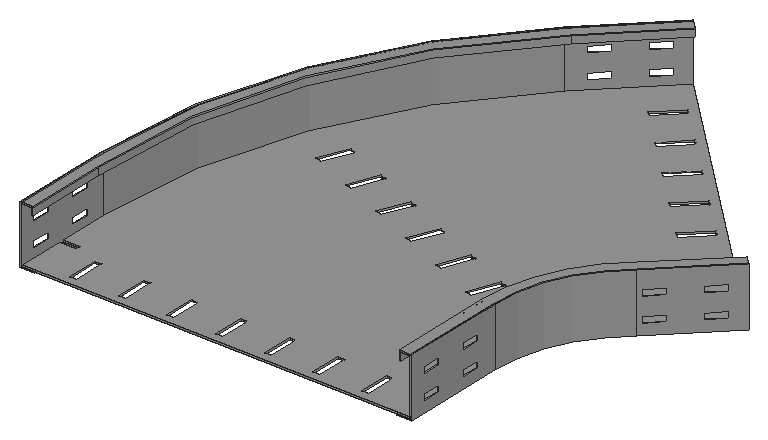
Revit family "Bogen 45 RB 45 640 FT", category Generic Models, Revit 2017
Family settings
  Can host rebar = No
  Round Connector Dimension = Use Diameter
  Part Type = Normal
  Work Plane-Based = No
  Always vertical = Yes
  Cut with Voids When Loaded = No
  Shared = No
  Room Calculation Point = No
Parameters (values of type "RB 45 640 FT")
  Width = 400 mm
  URL = "http://www.obo-bettermann.com"
  Material = Hot dip galvanised
  Manufacturer Art.No. = "7066406"
  Manufacturer = "OBO BETTERMANN"
  GTIN = "4012196224838"
  Cut's number 2 = 2
  Cut's number = 7
  Article Type = "RB 45 640 FT"
Reference planes
  plane 1 "Center (Front/Back)": y = 0
  plane 2: z = 0
  plane 3 "Center (Left/Right)": x = 0
  plane 4: x = 400
  plane 5: y = 105
  plane 6: through (443.934, 212.498, 1200) normal (-0.7071, -0.7071, 0)
  plane 7: through (413.011, 167.826, 1200) normal (-0.3827, -0.9239, 0)
  plane 8: z = 1.5
  plane 9: z = 59.75
  plane 10: z = -1.25
  plane 11: z = 58.5
  plane 12: z = 50.75
  plane 13: z = 59.75
  plane 14: z = 55.264
  plane 15: z = 61
  plane 16: z = 59.25
  plane 17: z = 59.75
  plane 18: z = 59.75
  plane 19: z = 59.25
  plane 20: z = 59.25
  plane 21: z = 58
  plane 22: z = 50.25
  plane 23: x = 46.2
  plane 24: y = 25
  plane 25: x = 96.2
  plane 26: y = 25
  plane 27: x = 146.2
  plane 28: y = 25
  plane 29: x = 196.2
  plane 30: y = 25
  plane 31: x = 246.2
  plane 32: y = 25
  plane 33: x = 296.2
  plane 34: y = 25
  plane 35: x = 346.2
  plane 36: y = 25
  plane 37: through (285.677, 554.233, 1200) normal (0.7071, -0.7071, 0)
  plane 38: through (183.061, 586.507, 1200) normal (0.7071, 0.7071, 0)
  plane 39: through (321.032, 518.878, 1200) normal (0.7071, -0.7071, 0)
  plane 40: through (218.417, 551.151, 1200) normal (0.7071, 0.7071, 0)
  plane 41: through (356.388, 483.523, 1200) normal (0.7071, -0.7071, 0)
  plane 42: through (253.772, 515.796, 1200) normal (0.7071, 0.7071, 0)
  plane 43: through (391.743, 448.167, 1200) normal (0.7071, -0.7071, 0)
  plane 44: through (289.128, 480.441, 1200) normal (0.7071, 0.7071, 0)
  plane 45: through (427.099, 412.812, 1200) normal (0.7071, -0.7071, 0)
  plane 46: through (324.483, 445.085, 1200) normal (0.7071, 0.7071, 0)
  plane 47: through (462.454, 377.457, 1200) normal (0.7071, -0.7071, 0)
  plane 48: through (359.838, 409.73, 1200) normal (0.7071, 0.7071, 0)
  plane 49: through (497.809, 342.101, 1200) normal (0.7071, -0.7071, 0)
  plane 50: through (395.194, 374.375, 1200) normal (0.7071, 0.7071, 0)
  plane 51: through (518.18, 286.744, 1200) normal (-0.7071, -0.7071, 0)
  plane 52: through (487.387, 317.537, 1200) normal (0.7071, 0.7071, 0)
  plane 53: through (234.596, 570.327, 1200) normal (0.9241, -0.3822, 0)
  plane 54: through (123.7, 282.196, 1200) normal (0.3822, 0.9241, 0)
  plane 55: through (131.809, 278.842, 1200) normal (-0.3822, -0.9241, 0)
  plane 56: through (202.948, 566.621, 1200) normal (0.7071, 0.7071, 0)
  plane 57: through (94.443, 322.232, 1200) normal (0.9241, -0.3822, 0)
  plane 58: through (169.904, 263.086, 1200) normal (0.3822, 0.9241, 0)
  plane 59: through (178.013, 259.732, 1200) normal (-0.3822, -0.9241, 0)
  plane 60: through (249.151, 547.51, 1200) normal (0.7071, 0.7071, 0)
  plane 61: through (140.647, 303.121, 1200) normal (0.9241, -0.3822, 0)
  plane 62: through (216.107, 243.975, 1200) normal (0.3822, 0.9241, 0)
  plane 63: through (224.216, 240.621, 1200) normal (-0.3822, -0.9241, 0)
  plane 64: through (295.355, 528.399, 1200) normal (0.7071, 0.7071, 0)
  plane 65: through (186.851, 284.011, 1200) normal (0.9241, -0.3822, 0)
  plane 66: through (262.311, 224.865, 1200) normal (0.3822, 0.9241, 0)
  plane 67: through (270.42, 221.511, 1200) normal (-0.3822, -0.9241, 0)
  plane 68: through (341.559, 509.289, 1200) normal (0.7071, 0.7071, 0)
  plane 69: through (233.055, 264.9, 1200) normal (0.9241, -0.3822, 0)
  plane 70: through (308.515, 205.754, 1200) normal (0.3822, 0.9241, 0)
  plane 71: through (316.624, 202.4, 1200) normal (-0.3822, -0.9241, 0)
  plane 72: through (387.763, 490.178, 1200) normal (0.7071, 0.7071, 0)
  plane 73: through (279.258, 245.79, 1200) normal (0.9241, -0.3822, 0)
  plane 74: through (354.719, 186.643, 1200) normal (0.3822, 0.9241, 0)
  plane 75: through (362.828, 183.289, 1200) normal (-0.3822, -0.9241, 0)
  plane 76: through (433.966, 471.068, 1200) normal (0.7071, 0.7071, 0)
  plane 77: through (325.462, 226.679, 1200) normal (0.9241, -0.3822, 0)
  plane 78: through (400.922, 167.533, 1200) normal (0.3822, 0.9241, 0)
  plane 79: through (409.031, 164.179, 1200) normal (-0.3822, -0.9241, 0)
  plane 80: through (480.17, 451.957, 1200) normal (0.7071, 0.7071, 0)
  plane 81: through (371.666, 207.569, 1200) normal (0.9241, -0.3822, 0)
  plane 82: y = 50
  plane 83: x = 18
  plane 84: z = 13.25
  plane 85: y = 25
  plane 86: z = 38.25
  plane 87: y = 25
  plane 88: z = 13.25
  plane 89: y = 75
  plane 90: z = 38.25
  plane 91: y = 75
  plane 92: through (804.924, 0, 1200) normal (-0.3822, -0.9241, 0)
  plane 93: z = 38.25
  plane 94: through (3237.963, -2463.392, 44.016) normal (0.7064, 0.7078, 0)
  plane 95: z = 38.25
  plane 96: through (3202.644, -2498.784, 44.016) normal (0.7064, 0.7078, 0)
  plane 97: z = 13.25
  plane 98: through (3237.963, -2463.392, 19.016) normal (0.7064, 0.7078, 0)
  plane 99: z = 13.25
  plane 100: through (3202.644, -2498.784, 19.016) normal (0.7064, 0.7078, 0)
  plane 101: z = 13.25
  plane 102: y = 25
  plane 103: z = 38.25
  plane 104: y = 25
  plane 105: z = 38.25
  plane 106: y = 75
  plane 107: z = 13.25
  plane 108: y = 75
  plane 109: z = 13.25
  plane 110: through (3237.963, -2463.392, 23.723) normal (0.7064, 0.7078, 0)
  plane 111: z = 13.25
  plane 112: through (3202.644, -2498.784, 23.723) normal (0.7064, 0.7078, 0)
  plane 113: z = 38.25
  plane 114: through (3237.963, -2463.392, 48.723) normal (0.7064, 0.7078, 0)
  plane 115: z = 38.25
  plane 116: through (3202.644, -2498.784, 48.723) normal (0.7064, 0.7078, 0)
Forms (mm)
  Extrusion 1, solid, material "Hot dip galvanised" <- "Material"
    sketch origin (0, 0, 0) x (1, 0, 0) y (0, 1, 0)
      loop
        line (0, 0) -> (400, 0) -> (400, 106.432)
        arc (400, 106.432) -> (413.14, 167.828) -> (450.259, 218.467) r 150
        line (450.259, 218.467) -> (518.358, 286.566) -> (235.515, 569.408) -> (161.091, 494.984)
        arc (161.091, 494.984) -> (41.866, 316.551) -> (0, 106.075) r 550
        line (0, 106.075) -> (0, 0)
    from 0 to 1.5
  Extrusion 2, solid, material "Hot dip galvanised" <- "Material"
    sketch origin (0, 0, 0) x (1, 0, 0) y (0, 1, 0)
      loop
        line (-0.041, 0) -> (13.959, 0) -> (13.959, 105.975)
        arc (13.959, 105.975) -> (54.77, 311.148) -> (170.991, 485.084) r 536.141
        line (170.991, 485.084) -> (245.415, 559.508) -> (235.516, 569.408) -> (161.092, 494.984)
        arc (161.092, 494.984) -> (41.838, 316.51) -> (-0.041, 105.985) r 550.141
        line (-0.041, 105.985) -> (-0.041, 0)
    from 0 to -1.25
  Extrusion 3, solid, material "Hot dip galvanised" <- "Material"
    sketch origin (0, 0, 0) x (1, 0, 0) y (0, 1, 0)
      loop
        line (161.852, 495.745) -> (235.515, 569.408) -> (234.596, 570.327) -> (160.933, 496.665)
        arc (160.933, 496.665) -> (40.863, 316.967) -> (-1.3, 104.999) r 553.899
        line (-1.3, 104.999) -> (-1.3, 0) -> (0, 0) -> (0, 105)
        arc (0, 105) -> (42.064, 316.47) -> (161.852, 495.745) r 552.599
    from -1.25 to 59.25
  Extrusion 4, solid, material "Hot dip galvanised" <- "Material"
    sketch origin (0, 0, 0) x (1, 0, 0) y (0, 1, 0)
      loop
        line (235.515, 569.408) -> (164.613, 498.506)
        arc (164.613, 498.506) -> (38.694, 308.367) -> (0, 83.62) r 554.223
        line (0, 83.62) -> (0, 0) -> (11.5, 0) -> (11.5, 83.833)
        arc (11.5, 83.833) -> (49.352, 304.047) -> (172.718, 490.347) r 542.723
        line (172.718, 490.347) -> (243.647, 561.277) -> (235.515, 569.408)
    from 58 to 59.25
  Extrusion 5, solid, material "Hot dip galvanised" <- "Material"
    sketch origin (0, 0, 0) x (1, 0, 0) y (0, 1, 0)
      loop
        line (243.647, 561.277) -> (242.728, 562.196) -> (171.801, 491.269)
        arc (171.801, 491.269) -> (48.147, 304.535) -> (10.2, 83.809) r 544.023
        line (10.2, 83.809) -> (10.2, 0) -> (11.5, 0) -> (11.5, 83.833)
        arc (11.5, 83.833) -> (49.352, 304.047) -> (172.718, 490.347) r 542.723
        line (172.718, 490.347) -> (243.647, 561.277)
    from 50.75 to 58
  Extrusion 6, solid, material "Hot dip galvanised" <- "Material"
    sketch origin (0, 0, 0) x (1, 0, 0) y (0, 1, 0)
      loop
        line (518.358, 286.566) -> (508.6, 296.324) -> (445.424, 233.148)
        arc (445.424, 233.148) -> (401.744, 176.72) -> (386.2, 107.075) r 163.8
        line (386.2, 107.075) -> (386.2, 0) -> (400, 0) -> (400, 107.075)
        arc (400, 107.075) -> (414.368, 171.137) -> (454.718, 222.926) r 150
        line (454.718, 222.926) -> (518.358, 286.566)
    from 0 to -1.25
  Extrusion 7, solid, material "Hot dip galvanised" <- "Material"
    sketch origin (0, 0, 0) x (1, 0, 0) y (0, 1, 0)
      loop
        line (518.358, 286.566) -> (454.718, 222.926)
        arc (454.718, 222.926) -> (414.361, 170.784) -> (400, 106.432) r 151.365
        line (400, 106.432) -> (400, 0) -> (401.3, 0) -> (401.3, 106.432)
        arc (401.3, 106.432) -> (415.55, 170.259) -> (455.595, 221.964) r 150.065
        line (455.595, 221.964) -> (519.277, 285.646) -> (518.358, 286.566)
    from -1.25 to 59.25
  Extrusion 8, solid, material "Hot dip galvanised" <- "Material"
    sketch origin (0, 0, 0) x (1, 0, 0) y (0, 1, 0)
      loop
        line (518.358, 286.566) -> (510.368, 294.556) -> (447.907, 232.095)
        arc (447.907, 232.095) -> (404.249, 176.202) -> (388.7, 107.005) r 161.747
        line (388.7, 107.005) -> (388.7, 0) -> (400, 0) -> (400, 107.005)
        arc (400, 107.005) -> (414.58, 171.615) -> (455.496, 223.703) r 150.447
        line (455.496, 223.703) -> (518.358, 286.566)
    from 58 to 59.25
  Extrusion 9, solid, material "Hot dip galvanised"
    sketch origin (0, 0, 0) x (1, 0, 0) y (0, 1, 0)
      loop
        line (510.368, 294.556) -> (447.907, 232.095)
        arc (447.907, 232.095) -> (404.249, 176.202) -> (388.7, 107.005) r 161.747
        line (388.7, 107.005) -> (388.7, 0) -> (390, 0) -> (390, 107.005)
        arc (390, 107.005) -> (405.438, 175.675) -> (448.781, 231.131) r 160.447
        line (448.781, 231.131) -> (511.287, 293.637) -> (510.368, 294.556)
    from 50.25 to 57.975
  Extrusion 10, void
    sketch origin (0, 0, 0) x (1, 0, 0) y (0, 1, 0)
      loop
        line (42.7, 41) -> (42.7, 9) -> (49.7, 9) -> (49.7, 41) -> (42.7, 41)
    from -1.25 to 1.5
  Extrusion 11, void
    sketch origin (50, 0, 0) x (1, 0, 0) y (0, 1, 0)
      loop
        line (42.7, 41) -> (42.7, 9) -> (49.7, 9) -> (49.7, 41) -> (42.7, 41)
    from -1.25 to 1.5
  Extrusion 12, void
    sketch origin (100, 0, 0) x (1, 0, 0) y (0, 1, 0)
      loop
        line (42.7, 41) -> (42.7, 9) -> (49.7, 9) -> (49.7, 41) -> (42.7, 41)
    from -1.25 to 1.5
  Extrusion 13, void
    sketch origin (150, 0, 0) x (1, 0, 0) y (0, 1, 0)
      loop
        line (42.7, 41) -> (42.7, 9) -> (49.7, 9) -> (49.7, 41) -> (42.7, 41)
    from -1.25 to 1.5
  Extrusion 14, void
    sketch origin (200, 0, 0) x (1, 0, 0) y (0, 1, 0)
      loop
        line (42.7, 41) -> (42.7, 9) -> (49.7, 9) -> (49.7, 41) -> (42.7, 41)
    from -1.25 to 1.5
  Extrusion 15, void
    sketch origin (250, 0, 0) x (1, 0, 0) y (0, 1, 0)
      loop
        line (42.7, 41) -> (42.7, 9) -> (49.7, 9) -> (49.7, 41) -> (42.7, 41)
    from -1.25 to 1.5
  Extrusion 16, void
    sketch origin (300, 0, 0) x (1, 0, 0) y (0, 1, 0)
      loop
        line (42.7, 41) -> (42.7, 9) -> (49.7, 9) -> (49.7, 41) -> (42.7, 41)
    from -1.25 to 1.5
  Extrusion 17, void
    sketch origin (0, 0, 0) x (1, 0, 0) y (0, 1, 0)
      loop
        line (259.345, 532.851) -> (236.704, 510.21) -> (241.654, 505.26) -> (264.295, 527.901) -> (259.345, 532.851)
    from -1.25 to 1.5
  Extrusion 18, void
    sketch origin (35.355, -35.355, 0) x (1, 0, 0) y (0, 1, 0)
      loop
        line (259.345, 532.851) -> (236.704, 510.21) -> (241.654, 505.26) -> (264.295, 527.901) -> (259.345, 532.851)
    from -1.25 to 1.5
  Extrusion 19, void
    sketch origin (70.711, -70.711, 0) x (1, 0, 0) y (0, 1, 0)
      loop
        line (259.345, 532.851) -> (236.704, 510.21) -> (241.654, 505.26) -> (264.295, 527.901) -> (259.345, 532.851)
    from -1.25 to 1.5
  Extrusion 20, void
    sketch origin (106.066, -106.066, 0) x (1, 0, 0) y (0, 1, 0)
      loop
        line (259.345, 532.851) -> (236.704, 510.21) -> (241.654, 505.26) -> (264.295, 527.901) -> (259.345, 532.851)
    from -1.25 to 1.5
  Extrusion 21, void
    sketch origin (141.421, -141.421, 0) x (1, 0, 0) y (0, 1, 0)
      loop
        line (259.345, 532.851) -> (236.704, 510.21) -> (241.654, 505.26) -> (264.295, 527.901) -> (259.345, 532.851)
    from -1.25 to 1.5
  Extrusion 22, void
    sketch origin (176.777, -176.777, 0) x (1, 0, 0) y (0, 1, 0)
      loop
        line (259.345, 532.851) -> (236.704, 510.21) -> (241.654, 505.26) -> (264.295, 527.901) -> (259.345, 532.851)
    from -1.25 to 1.5
  Extrusion 23, void
    sketch origin (212.132, -212.132, 0) x (1, 0, 0) y (0, 1, 0)
      loop
        line (259.345, 532.851) -> (236.704, 510.21) -> (241.654, 505.26) -> (264.295, 527.901) -> (259.345, 532.851)
    from -1.25 to 1.5
  Extrusion 24, void
    sketch origin (0, 0, 0) x (1, 0, 0) y (0, 1, 0)
      loop
        line (87.458, 314.501) -> (75.118, 284.665) -> (81.986, 281.824) -> (94.327, 311.66) -> (87.458, 314.501)
    from -1.25 to 1.5
  Extrusion 25, void
    sketch origin (46.204, -19.111, 0) x (1, 0, 0) y (0, 1, 0)
      loop
        line (87.458, 314.501) -> (75.118, 284.665) -> (81.986, 281.824) -> (94.327, 311.66) -> (87.458, 314.501)
    from -1.25 to 1.5
  Extrusion 26, void
    sketch origin (92.407, -38.221, 0) x (1, 0, 0) y (0, 1, 0)
      loop
        line (87.458, 314.501) -> (75.118, 284.665) -> (81.986, 281.824) -> (94.327, 311.66) -> (87.458, 314.501)
    from -1.25 to 1.5
  Extrusion 27, void
    sketch origin (138.611, -57.332, 0) x (1, 0, 0) y (0, 1, 0)
      loop
        line (87.458, 314.501) -> (75.118, 284.665) -> (81.986, 281.824) -> (94.327, 311.66) -> (87.458, 314.501)
    from -1.25 to 1.5
  Extrusion 28, void
    sketch origin (184.815, -76.442, 0) x (1, 0, 0) y (0, 1, 0)
      loop
        line (87.458, 314.501) -> (75.118, 284.665) -> (81.986, 281.824) -> (94.327, 311.66) -> (87.458, 314.501)
    from -1.25 to 1.5
  Extrusion 29, void
    sketch origin (231.019, -95.553, 0) x (1, 0, 0) y (0, 1, 0)
      loop
        line (87.458, 314.501) -> (75.118, 284.665) -> (81.986, 281.824) -> (94.327, 311.66) -> (87.458, 314.501)
    from -1.25 to 1.5
  Extrusion 30, void
    sketch origin (277.222, -114.663, 0) x (1, 0, 0) y (0, 1, 0)
      loop
        line (87.458, 314.501) -> (75.118, 284.665) -> (81.986, 281.824) -> (94.327, 311.66) -> (87.458, 314.501)
    from -1.25 to 1.5
  Extrusion 31, void
    sketch origin (0, 0, 0) x (1, 0, 0) y (0, 1, 0)
      loop
        line (0, 47.5) -> (18, 47.5) -> (18, 52.5) -> (0, 52.5) -> (0, 47.5)
    from 0 to 1.5
  Extrusion 32, void
    sketch origin (0, 0, 0) x (0, 1, 0) y (0, 0, 1)
      loop
        line (15, 16.75) -> (15, 9.75) -> (35, 9.75) -> (35, 16.75) -> (15, 16.75)
    from 0 to -1.3
  Extrusion 33, void
    sketch origin (0, 0, 25) x (0, 1, 0) y (0, 0, 1)
      loop
        line (15, 16.75) -> (15, 9.75) -> (35, 9.75) -> (35, 16.75) -> (15, 16.75)
    from 0 to -1.3
  Extrusion 34, void
    sketch origin (0, 50, 0) x (0, 1, 0) y (0, 0, 1)
      loop
        line (15, 16.75) -> (15, 9.75) -> (35, 9.75) -> (35, 16.75) -> (15, 16.75)
    from 0 to -1.3
  Extrusion 35, void
    sketch origin (0, 50, 25) x (0, 1, 0) y (0, 0, 1)
      loop
        line (15, 16.75) -> (15, 9.75) -> (35, 9.75) -> (35, 16.75) -> (15, 16.75)
    from 0 to -1.3
  Extrusion 36, void
    sketch origin (235.175, 568.585, 25) x (-0.706384, -0.707829, 0) y (0, 0, -1)
      loop
        line (15, -16.75) -> (35, -16.75) -> (35, -9.75) -> (15, -9.75) -> (15, -16.75)
    from 0 to -2.796
  Extrusion 37, void
    sketch origin (199.856, 533.194, 25) x (-0.706384, -0.707829, 0) y (0, 0, -1)
      loop
        line (15, -16.75) -> (35, -16.75) -> (35, -9.75) -> (15, -9.75) -> (15, -16.75)
    from 0 to -2.796
  Extrusion 38, void
    sketch origin (235.175, 568.585, 0) x (-0.706384, -0.707829, 0) y (0, 0, -1)
      loop
        line (15, -16.75) -> (35, -16.75) -> (35, -9.75) -> (15, -9.75) -> (15, -16.75)
    from 0 to -2.796
  Extrusion 39, void
    sketch origin (199.856, 533.194, 0) x (-0.706384, -0.707829, 0) y (0, 0, -1)
      loop
        line (15, -16.75) -> (35, -16.75) -> (35, -9.75) -> (15, -9.75) -> (15, -16.75)
    from 0 to -2.796
  Extrusion 40, void
    sketch origin (0, 0, 0) x (0, 1, 0) y (0, 0, 1)
      loop
        line (15.392, 16.75) -> (15.392, 9.75) -> (35.392, 9.75) -> (35.392, 16.75) -> (15.392, 16.75)
    from 400 to 401.3
  Extrusion 41, void
    sketch origin (0, 0, 25) x (0, 1, 0) y (0, 0, 1)
      loop
        line (15.392, 16.75) -> (15.392, 9.75) -> (35.392, 9.75) -> (35.392, 16.75) -> (15.392, 16.75)
    from 400 to 401.3
  Extrusion 42, void
    sketch origin (0, 50, 25) x (0, 1, 0) y (0, 0, 1)
      loop
        line (15.392, 16.75) -> (15.392, 9.75) -> (35.392, 9.75) -> (35.392, 16.75) -> (15.392, 16.75)
    from 400 to 401.3
  Extrusion 43, void
    sketch origin (0, 50, 0) x (0, 1, 0) y (0, 0, 1)
      loop
        line (15.392, 16.75) -> (15.392, 9.75) -> (35.392, 9.75) -> (35.392, 16.75) -> (15.392, 16.75)
    from 400 to 401.3
  Extrusion 44, void
    sketch origin (235.175, 568.585, 0) x (-0.706384, -0.707829, 0) y (0, 0, -1)
      loop
        line (15.392, -16.75) -> (35.392, -16.75) -> (35.392, -9.75) -> (15.392, -9.75) -> (15.392, -16.75)
    from 398.138 to 402.414
  Extrusion 45, void
    sketch origin (199.856, 533.194, 0) x (-0.706384, -0.707829, 0) y (0, 0, -1)
      loop
        line (15.392, -16.75) -> (35.392, -16.75) -> (35.392, -9.75) -> (15.392, -9.75) -> (15.392, -16.75)
    from 398.138 to 402.907
  Extrusion 46, void
    sketch origin (235.175, 568.585, 25) x (-0.706384, -0.707829, 0) y (0, 0, -1)
      loop
        line (15.392, -16.75) -> (35.392, -16.75) -> (35.392, -9.75) -> (15.392, -9.75) -> (15.392, -16.75)
    from 398.138 to 402.414
  Extrusion 47, void
    sketch origin (199.856, 533.194, 25) x (-0.706384, -0.707829, 0) y (0, 0, -1)
      loop
        line (15.392, -16.75) -> (35.392, -16.75) -> (35.392, -9.75) -> (15.392, -9.75) -> (15.392, -16.75)
    from 398.138 to 402.907
Cuts and joins
  Extrusion 10, Extrusion 11, Extrusion 12, Extrusion 13, Extrusion 14, Extrusion 15, Extrusion 16, Extrusion 17, Extrusion 18, Extrusion 19, Extrusion 20, Extrusion 21, Extrusion 22, Extrusion 23, Extrusion 24, Extrusion 25, Extrusion 26, Extrusion 27, Extrusion 28, Extrusion 29, Extrusion 30, Extrusion 31 cuts Extrusion 1
  Extrusion 31 cuts Extrusion 2
  Extrusion 31, Extrusion 32, Extrusion 33, Extrusion 34, Extrusion 35, Extrusion 36, Extrusion 37, Extrusion 38, Extrusion 39, Extrusion 40 cuts Extrusion 3
  Extrusion 31 cuts Extrusion 4
  Extrusion 31 cuts Extrusion 5
  Extrusion 40, Extrusion 41, Extrusion 42, Extrusion 43, Extrusion 44, Extrusion 45, Extrusion 46, Extrusion 47 cuts Extrusion 7
Dimensions and locks
  locked: Extrusion 1 sketch curve to Extrusion 1 sketch curve at 400
  locked: Extrusion 1 sketch curve to Extrusion 1 sketch curve at 569.408
  locked: Extrusion 1 to Extrusion 2 sketch curve at 14.001
  locked: Extrusion 1 to Extrusion 2 sketch curve at 13.959
  locked: Extrusion 2 sketch curve to Extrusion 2 sketch curve at 605.493
  locked: Extrusion 2 sketch curve to Extrusion 2 sketch curve at 616.208
  locked: Extrusion 1 to Extrusion 2 sketch curve at 569.408
  locked: Extrusion 3 to Extrusion 3 at 1.3  (x2)
  plane 9 to Extrusion 2 = 61 mm
  locked: Extrusion 4 sketch curve to Extrusion 3 at 11.5
  locked: Extrusion 3 to Extrusion 4 sketch curve at 11.5
  locked: Extrusion 4 sketch curve to Extrusion 4 sketch curve at 616.193
  locked: Extrusion 4 sketch curve to Extrusion 4 sketch curve at 607.391
  locked: Extrusion 1 to Extrusion 4 sketch curve at 569.408
  Extrusion 5 to Extrusion 5 = 7.25 mm
  locked: Extrusion 6 sketch curve to Extrusion 6 sketch curve at 310.046
  Extrusion 6 sketch curve to Extrusion 6 sketch curve = 320.608 mm
  locked: plane 13 to Extrusion 6 at 61
  locked: Extrusion 6 sketch curve to Extrusion 1 at 13.8  (x2)
  locked: Extrusion 7 sketch curve to Extrusion 1 at 1.3
  locked: Extrusion 1 to Extrusion 7 sketch curve at 1.3
  locked: Extrusion 6 to Extrusion 7 sketch curve at 15.1
  locked: Extrusion 7 sketch curve to Extrusion 7 sketch curve at 309.051
  locked: plane 16 to Extrusion 6 at 60.5
  Extrusion 3 to plane 21 = 1.25 mm
  locked: Extrusion 1 to Extrusion 8 sketch curve at 286.566
  locked: Extrusion 8 sketch curve to Extrusion 7 at 11.3  (x2)
  locked: Extrusion 7 to plane 22 at 9
  Extrusion 3 to plane 23 = 47.5 mm
  locked: Extrusion 10 sketch curve to Extrusion 10 sketch curve at 32
  locked: plane 24 to Extrusion 10 sketch curve at 16
  locked: Extrusion 10 sketch curve to Extrusion 10 sketch curve at 7
  locked: Extrusion 10 sketch curve to plane 23 at 3.5
  locked: Extrusion 11 sketch curve to Extrusion 11 sketch curve at 32
  locked: plane 26 to Extrusion 11 sketch curve at 16
  locked: Extrusion 11 sketch curve to Extrusion 11 sketch curve at 7
  locked: Extrusion 11 sketch curve to plane 25 at 3.5
  locked: Extrusion 12 sketch curve to Extrusion 12 sketch curve at 32
  locked: plane 28 to Extrusion 12 sketch curve at 16
  locked: Extrusion 12 sketch curve to Extrusion 12 sketch curve at 7
  locked: Extrusion 12 sketch curve to plane 27 at 3.5
  locked: Extrusion 13 sketch curve to Extrusion 13 sketch curve at 32
  locked: plane 30 to Extrusion 13 sketch curve at 16
  locked: Extrusion 13 sketch curve to Extrusion 13 sketch curve at 7
  locked: Extrusion 13 sketch curve to plane 29 at 3.5
  locked: Extrusion 14 sketch curve to Extrusion 14 sketch curve at 32
  locked: plane 32 to Extrusion 14 sketch curve at 16
  locked: Extrusion 14 sketch curve to Extrusion 14 sketch curve at 7
  locked: Extrusion 14 sketch curve to plane 31 at 3.5
  locked: Extrusion 15 sketch curve to Extrusion 15 sketch curve at 32
  locked: plane 34 to Extrusion 15 sketch curve at 16
  locked: Extrusion 15 sketch curve to Extrusion 15 sketch curve at 7
  locked: Extrusion 15 sketch curve to plane 33 at 3.5
  locked: Extrusion 16 sketch curve to Extrusion 16 sketch curve at 32
  locked: plane 36 to Extrusion 16 sketch curve at 16
  locked: Extrusion 16 sketch curve to Extrusion 16 sketch curve at 7
  locked: Extrusion 16 sketch curve to plane 35 at 3.5
  locked: Extrusion 17 sketch curve to Extrusion 17 sketch curve at 32.019
  locked: plane 38 to Extrusion 17 sketch curve at 16
  locked: Extrusion 17 sketch curve to Extrusion 17 sketch curve at 7
  locked: plane 37 to Extrusion 17 sketch curve at 3.5
  locked: Extrusion 18 sketch curve to Extrusion 18 sketch curve at 32.019
  locked: plane 40 to Extrusion 18 sketch curve at 16
  locked: Extrusion 18 sketch curve to Extrusion 18 sketch curve at 7
  locked: plane 39 to Extrusion 18 sketch curve at 3.5
  equal spacing: group 1, group 2, group 3, group 4, group 5, group 6, group 7  (x2)
  equal spacing: group 7, group 6, group 5, group 4, group 3, group 2, group 1
  locked: Extrusion 19 sketch curve to Extrusion 19 sketch curve at 32.019
  locked: plane 42 to Extrusion 19 sketch curve at 16
  locked: Extrusion 19 sketch curve to Extrusion 19 sketch curve at 7
  locked: plane 41 to Extrusion 19 sketch curve at 3.5
  locked: Extrusion 20 sketch curve to Extrusion 20 sketch curve at 32.019
  locked: plane 44 to Extrusion 20 sketch curve at 16
  locked: Extrusion 20 sketch curve to Extrusion 20 sketch curve at 7
  locked: plane 43 to Extrusion 20 sketch curve at 3.5
  locked: Extrusion 21 sketch curve to Extrusion 21 sketch curve at 32.019
  locked: plane 46 to Extrusion 21 sketch curve at 16
  locked: Extrusion 21 sketch curve to Extrusion 21 sketch curve at 7
  locked: plane 45 to Extrusion 21 sketch curve at 3.5
  locked: Extrusion 22 sketch curve to Extrusion 22 sketch curve at 32.019
  locked: plane 48 to Extrusion 22 sketch curve at 16
  locked: Extrusion 22 sketch curve to Extrusion 22 sketch curve at 7
  locked: plane 47 to Extrusion 22 sketch curve at 3.5
  locked: Extrusion 23 sketch curve to Extrusion 23 sketch curve at 32.019
  locked: plane 50 to Extrusion 23 sketch curve at 16
  locked: Extrusion 23 sketch curve to Extrusion 23 sketch curve at 7
  locked: plane 49 to Extrusion 23 sketch curve at 3.5
  locked: Extrusion 24 sketch curve to Extrusion 24 sketch curve at 32.287
  locked: plane 55 to Extrusion 24 sketch curve at 16.287
  locked: plane 57 to Extrusion 24 sketch curve at 3.5
  locked: Extrusion 25 sketch curve to Extrusion 25 sketch curve at 32.287
  locked: plane 59 to Extrusion 25 sketch curve at 16.287
  locked: plane 61 to Extrusion 25 sketch curve at 3.5
  equal spacing: group 8, group 9, group 10, group 11, group 12, group 13, group 14  (x2)
  equal spacing: group 14, group 13, group 12, group 11, group 10, group 9, group 8
  locked: Extrusion 26 sketch curve to Extrusion 26 sketch curve at 32.287
  locked: plane 63 to Extrusion 26 sketch curve at 16.287
  locked: plane 65 to Extrusion 26 sketch curve at 3.5
  locked: Extrusion 27 sketch curve to Extrusion 27 sketch curve at 32.287
  locked: plane 67 to Extrusion 27 sketch curve at 16.287
  locked: plane 69 to Extrusion 27 sketch curve at 3.5
  locked: Extrusion 28 sketch curve to Extrusion 28 sketch curve at 32.287
  locked: plane 71 to Extrusion 28 sketch curve at 16.287
  locked: plane 73 to Extrusion 28 sketch curve at 3.5
  locked: Extrusion 29 sketch curve to Extrusion 29 sketch curve at 32.287
  locked: plane 75 to Extrusion 29 sketch curve at 16.287
  locked: plane 77 to Extrusion 29 sketch curve at 3.5
  locked: Extrusion 30 sketch curve to Extrusion 30 sketch curve at 32.287
  locked: plane 79 to Extrusion 30 sketch curve at 16.287
  locked: plane 81 to Extrusion 30 sketch curve at 3.5
  locked: Extrusion 31 sketch curve to Extrusion 31 sketch curve at 5
  locked: Extrusion 31 sketch curve to plane 82 at 2.5
  locked: Extrusion 32 sketch curve to Extrusion 32 sketch curve at 7
  locked: plane 84 to Extrusion 32 sketch curve at 3.5
  locked: Extrusion 32 sketch curve to Extrusion 32 sketch curve at 20
  locked: plane 85 to Extrusion 32 sketch curve at 10
  locked: Extrusion 33 sketch curve to Extrusion 33 sketch curve at 7
  locked: plane 86 to Extrusion 33 sketch curve at 3.5
  locked: Extrusion 33 sketch curve to Extrusion 33 sketch curve at 20
  locked: plane 87 to Extrusion 33 sketch curve at 10
  locked: Extrusion 34 sketch curve to Extrusion 34 sketch curve at 7
  locked: plane 88 to Extrusion 34 sketch curve at 3.5
  locked: Extrusion 34 sketch curve to Extrusion 34 sketch curve at 20
  locked: plane 89 to Extrusion 34 sketch curve at 10
  locked: Extrusion 35 sketch curve to Extrusion 35 sketch curve at 7
  locked: plane 90 to Extrusion 35 sketch curve at 3.5
  locked: Extrusion 35 sketch curve to Extrusion 35 sketch curve at 20
  locked: plane 91 to Extrusion 35 sketch curve at 10
  locked: Extrusion 36 sketch curve to Extrusion 36 sketch curve at 7
  locked: Extrusion 36 sketch curve to plane 93 at 3.5
  locked: Extrusion 36 sketch curve to Extrusion 36 sketch curve at 20
  locked: plane 94 to Extrusion 36 sketch curve at 10
  locked: Extrusion 37 sketch curve to Extrusion 37 sketch curve at 7
  locked: Extrusion 37 sketch curve to plane 95 at 3.5
  locked: Extrusion 37 sketch curve to Extrusion 37 sketch curve at 20
  locked: plane 96 to Extrusion 37 sketch curve at 10
  locked: Extrusion 38 sketch curve to Extrusion 38 sketch curve at 7
  locked: Extrusion 38 sketch curve to plane 97 at 3.5
  locked: Extrusion 38 sketch curve to Extrusion 38 sketch curve at 20
  locked: plane 98 to Extrusion 38 sketch curve at 10
  locked: Extrusion 39 sketch curve to Extrusion 39 sketch curve at 7
  locked: Extrusion 39 sketch curve to plane 99 at 3.5
  locked: Extrusion 39 sketch curve to Extrusion 39 sketch curve at 20
  locked: plane 100 to Extrusion 39 sketch curve at 10
  group 17 to group 18 = 0 mm  (x2)
  group 18 to group 17 = 25 mm
  locked: Extrusion 40 sketch curve to Extrusion 40 sketch curve at 7
  plane 101 to Extrusion 40 sketch curve = 3.5 mm
  locked: Extrusion 40 sketch curve to Extrusion 40 sketch curve at 20
  locked: plane 102 to Extrusion 40 sketch curve at 10.392
  locked: Extrusion 41 sketch curve to Extrusion 41 sketch curve at 7
  plane 103 to Extrusion 41 sketch curve = 3.5 mm
  locked: Extrusion 41 sketch curve to Extrusion 41 sketch curve at 20
  locked: plane 104 to Extrusion 41 sketch curve at 10.392
  locked: Extrusion 42 sketch curve to Extrusion 42 sketch curve at 7
  plane 105 to Extrusion 42 sketch curve = 3.5 mm
  locked: Extrusion 42 sketch curve to Extrusion 42 sketch curve at 20
  locked: plane 106 to Extrusion 42 sketch curve at 10.392
  locked: Extrusion 43 sketch curve to Extrusion 43 sketch curve at 7
  plane 107 to Extrusion 43 sketch curve = 3.5 mm
  locked: Extrusion 43 sketch curve to Extrusion 43 sketch curve at 20
  locked: plane 108 to Extrusion 43 sketch curve at 10.392
  locked: Extrusion 44 sketch curve to Extrusion 44 sketch curve at 7
  Extrusion 44 sketch curve to plane 109 = 3.5 mm
  locked: Extrusion 44 sketch curve to Extrusion 44 sketch curve at 20
  locked: plane 110 to Extrusion 44 sketch curve at 10.392
  locked: Extrusion 45 sketch curve to Extrusion 45 sketch curve at 7
  Extrusion 45 sketch curve to plane 111 = 3.5 mm
  locked: Extrusion 45 sketch curve to Extrusion 45 sketch curve at 20
  locked: plane 112 to Extrusion 45 sketch curve at 10.392
  locked: Extrusion 46 sketch curve to Extrusion 46 sketch curve at 7
  Extrusion 46 sketch curve to plane 113 = 3.5 mm
  locked: Extrusion 46 sketch curve to Extrusion 46 sketch curve at 20
  locked: plane 114 to Extrusion 46 sketch curve at 10.392
  group 19 to group 20 = 0 mm  (x2)
  group 19 to group 20 = 25 mm
  locked: Extrusion 47 sketch curve to Extrusion 47 sketch curve at 7
  Extrusion 47 sketch curve to plane 115 = 3.5 mm
  locked: Extrusion 47 sketch curve to Extrusion 47 sketch curve at 20
  locked: plane 116 to Extrusion 47 sketch curve at 10.392
  group 21 to group 22 = 0 mm  (x2)
  group 21 to group 22 = 25 mm
  radius of Extrusion 1 sketch curve = 150 mm
  radius of Extrusion 1 sketch curve = 550 mm
  locked: plane 7 to plane 5 (angle 22.50°)
  locked: plane 6 to plane 7 (angle 22.50°)
  aligned and locked: level to plane 2
  aligned and locked: plane 3 "Center (Left/Right)" to Extrusion 1 sketch curve
  aligned and locked: plane 1 "Center (Front/Back)" to Extrusion 1 sketch curve
  aligned and locked: plane 1 "Center (Front/Back)" to Extrusion 1
  aligned and locked: Extrusion 1 to plane 3 "Center (Left/Right)"
  aligned and locked: Extrusion 1 to plane 8
  aligned and locked: plane 1 "Center (Front/Back)" to Extrusion 2
  aligned and locked: level to Extrusion 2
  aligned and locked: Extrusion 2 sketch curve to Extrusion 1
  aligned and locked: Extrusion 1 to Extrusion 2
  aligned and locked: Extrusion 2 to Extrusion 1
  aligned and locked: Extrusion 2 to plane 10
  aligned and locked: Extrusion 3 sketch curve to Extrusion 1
  aligned and locked: plane 1 "Center (Front/Back)" to Extrusion 3 sketch curve
  aligned and locked: Extrusion 1 to Extrusion 3
  aligned and locked: Extrusion 3 to Extrusion 1
  aligned and locked: plane 3 "Center (Left/Right)" to Extrusion 3
  aligned and locked: plane 1 "Center (Front/Back)" to Extrusion 3
  aligned and locked: Extrusion 3 to Extrusion 4 sketch curve
  aligned and locked: Extrusion 1 to Extrusion 4
  aligned and locked: plane 1 "Center (Front/Back)" to Extrusion 4
  aligned and locked: plane 3 "Center (Left/Right)" to Extrusion 4 sketch curve
  aligned and locked: Extrusion 4 sketch curve to Extrusion 1
  aligned and locked: Extrusion 2 to Extrusion 4
  aligned and locked: Extrusion 4 to Extrusion 1
  aligned and locked: Extrusion 5 to plane 12
  aligned and locked: Extrusion 1 to Extrusion 5 sketch curve
  aligned and locked: Extrusion 1 to Extrusion 5  (x2)
  aligned and locked: plane 1 "Center (Front/Back)" to Extrusion 6 sketch curve
  aligned and locked: Extrusion 6 sketch curve to Extrusion 1
  aligned and locked: plane 1 "Center (Front/Back)" to Extrusion 6
  aligned and locked: Extrusion 6 to Extrusion 1
  aligned and locked: Extrusion 2 to Extrusion 6
  aligned and locked: level to Extrusion 6
  aligned and locked: Extrusion 3 to Extrusion 2
  aligned and locked: Extrusion 7 sketch curve to Extrusion 1
  aligned and locked: Extrusion 1 to Extrusion 7 sketch curve
  aligned and locked: plane 1 "Center (Front/Back)" to Extrusion 7
  aligned and locked: Extrusion 7 to Extrusion 1
  aligned and locked: Extrusion 6 to Extrusion 7
  aligned and locked: Extrusion 7 to plane 16
  aligned and locked: plane 16 to Extrusion 3
  aligned and locked: Extrusion 4 to Extrusion 3
  aligned and locked: Extrusion 4 to plane 21
  aligned and locked: Extrusion 5 to Extrusion 4
  aligned and locked: Extrusion 8 sketch curve to Extrusion 1
  aligned and locked: plane 1 "Center (Front/Back)" to Extrusion 8 sketch curve
  aligned and locked: plane 1 "Center (Front/Back)" to Extrusion 8
  aligned and locked: Extrusion 8 to Extrusion 1
  aligned and locked: Extrusion 3 to Extrusion 8
  aligned and locked: Extrusion 8 to plane 21
  aligned and locked: Extrusion 8 to Extrusion 4
  aligned and locked: Extrusion 9 sketch curve to Extrusion 8
  aligned and locked: plane 1 "Center (Front/Back)" to Extrusion 9
  aligned and locked: Extrusion 1 to Extrusion 9
  aligned and locked: Extrusion 9 to plane 22
  aligned and locked: Extrusion 2 to Extrusion 10
  aligned and locked: Extrusion 1 to Extrusion 10
  aligned and locked: Extrusion 2 to Extrusion 17
  aligned and locked: Extrusion 1 to Extrusion 17
  aligned and locked: Extrusion 2 to Extrusion 24
  aligned and locked: Extrusion 1 to Extrusion 24
  aligned and locked: Extrusion 31 to level
  aligned and locked: plane 8 to Extrusion 31
  aligned and locked: Extrusion 3 to Extrusion 32
  aligned and locked: plane 3 "Center (Left/Right)" to Extrusion 32
  aligned and locked: Extrusion 36 to Extrusion 37
  aligned and locked: Extrusion 40 to Extrusion 6
  aligned and locked: Extrusion 7 to Extrusion 40
Automatic sketch dimensions
  Extrusion 24 sketch curve to Extrusion 24 sketch curve = 6.869 mm
  Extrusion 25 sketch curve to Extrusion 25 sketch curve = 6.869 mm
  Extrusion 26 sketch curve to Extrusion 26 sketch curve = 6.869 mm
  Extrusion 27 sketch curve to Extrusion 27 sketch curve = 6.869 mm
  Extrusion 28 sketch curve to Extrusion 28 sketch curve = 6.869 mm
  Extrusion 29 sketch curve to Extrusion 29 sketch curve = 6.869 mm
  Extrusion 30 sketch curve to Extrusion 30 sketch curve = 6.869 mm
  Extrusion 31 sketch curve to plane 83 = 0 mm
  Extrusion 31 sketch curve to Extrusion 31 sketch curve = 18 mm
  plane 51 to Extrusion 1 sketch curve = 0 mm  (x2)
  Extrusion 1 sketch curve to plane 4 = 0 mm
  plane 6 to Extrusion 1 sketch curve = 0 mm
  Extrusion 2 sketch curve to Extrusion 2 sketch curve = 0 mm  (x2)
  Extrusion 2 sketch curve to plane 1 "Center (Front/Back)" = 494.984 mm
  Extrusion 3 sketch curve to Extrusion 3 sketch curve = 0 mm  (x2)
  Extrusion 3 sketch curve to plane 53 = 0 mm
  Extrusion 3 sketch curve to plane 3 "Center (Left/Right)" = 0 mm
  plane 51 to Extrusion 3 sketch curve = 0 mm
  Extrusion 3 sketch curve to plane 1 "Center (Front/Back)" = 496.665 mm
  Extrusion 3 sketch curve to Extrusion 3 sketch curve = 0.001 mm
  Extrusion 4 sketch curve to Extrusion 4 sketch curve = 0 mm  (x2)
  Extrusion 4 sketch curve to Extrusion 4 sketch curve = 70.902 mm
  Extrusion 4 sketch curve to Extrusion 4 sketch curve = 8.104 mm
  Extrusion 4 sketch curve to plane 1 "Center (Front/Back)" = 103.97 mm
  Extrusion 4 sketch curve to Extrusion 4 sketch curve = 381.132 mm
  Extrusion 5 sketch curve to Extrusion 5 sketch curve = 0 mm  (x2)
  plane 51 to Extrusion 5 sketch curve = 0 mm  (x2)
  plane 3 "Center (Left/Right)" to Extrusion 5 sketch curve = 10.2 mm
  Extrusion 5 sketch curve to Extrusion 5 sketch curve = 1.3 mm
  plane 3 "Center (Left/Right)" to Extrusion 5 sketch curve = 171.801 mm
  Extrusion 5 sketch curve to Extrusion 5 sketch curve = 0.916 mm
  Extrusion 5 sketch curve to Extrusion 5 sketch curve = 70.926 mm
  Extrusion 5 sketch curve to plane 1 "Center (Front/Back)" = 561.277 mm
  Extrusion 5 sketch curve to plane 1 "Center (Front/Back)" = 103.97 mm
  Extrusion 5 sketch curve to Extrusion 5 sketch curve = 381.132 mm
  Extrusion 6 sketch curve to Extrusion 6 sketch curve = 0 mm  (x2)
  Extrusion 6 sketch curve to Extrusion 6 sketch curve = 13.8 mm
  Extrusion 6 sketch curve to plane 1 "Center (Front/Back)" = 233.148 mm
  Extrusion 6 sketch curve to plane 1 "Center (Front/Back)" = 222.926 mm
  Extrusion 7 sketch curve to Extrusion 7 sketch curve = 0 mm  (x2)
  Extrusion 7 sketch curve to Extrusion 7 sketch curve = 1.3 mm
  Extrusion 7 sketch curve to plane 1 "Center (Front/Back)" = 222.926 mm
  Extrusion 7 sketch curve to Extrusion 7 sketch curve = 64.559 mm
  Extrusion 7 sketch curve to plane 1 "Center (Front/Back)" = 221.964 mm
  Extrusion 8 sketch curve to Extrusion 8 sketch curve = 0 mm  (x2)
  Extrusion 8 sketch curve to Extrusion 8 sketch curve = 11.3 mm
  Extrusion 8 sketch curve to plane 1 "Center (Front/Back)" = 232.095 mm
  Extrusion 8 sketch curve to plane 1 "Center (Front/Back)" = 223.703 mm
  Extrusion 9 sketch curve to Extrusion 9 sketch curve = 0 mm  (x2)
  plane 51 to Extrusion 9 sketch curve = 0 mm  (x2)
  plane 3 "Center (Left/Right)" to Extrusion 9 sketch curve = 388.7 mm
  Extrusion 9 sketch curve to Extrusion 9 sketch curve = 1.3 mm
  Extrusion 9 sketch curve to plane 1 "Center (Front/Back)" = 232.095 mm
  Extrusion 9 sketch curve to Extrusion 9 sketch curve = 57.907 mm
  Extrusion 9 sketch curve to plane 1 "Center (Front/Back)" = 231.131 mm
  Extrusion 9 sketch curve to Extrusion 9 sketch curve = 0.874 mm
